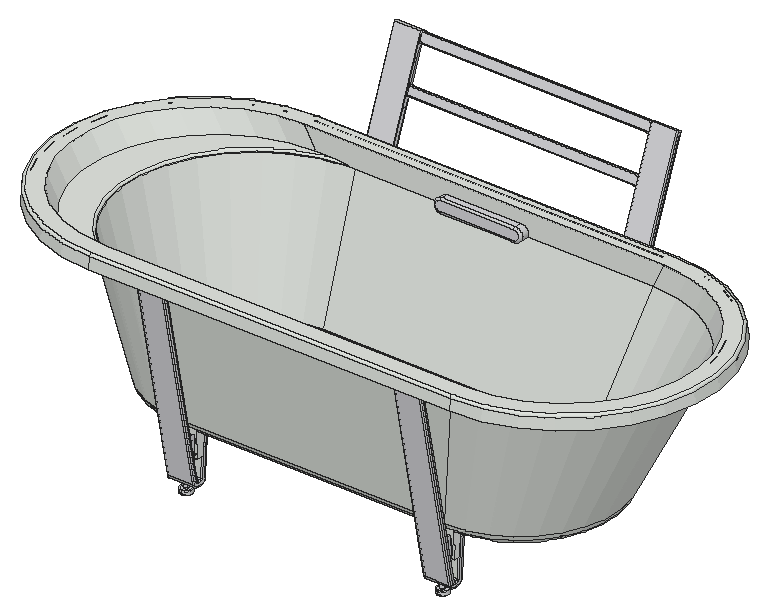
Revit family "Bath-Freestanding-KOHLER-LOVEE-K-9271T_1", category Plumbing Fixtures, host Face, Revit 2017 (continued)
Definition of nested family "K-9271T"
  Lines and regions (in)
    symbolic lines, detail levels medium+fine
      curve 9: arc (14.5669291, 19.5606454, 22.4409449) -> (14.5295334, 19.4823769, 22.4409449) -> (14.4488189, 19.4506031, 22.4409449) r 0.118406
      curve 10: arc (-11.8110236, 19.8201, 22.4409449) -> (-11.8114935, 19.829063, 22.4409449) -> (-11.8128978, 19.8379277, 22.4409449) r 0.0857262
      curve 11: arc (-11.9094488, 19.4899732, 22.4409449) -> (-11.8398517, 19.5188013, 22.4409449) -> (-11.8110236, 19.5883984, 22.4409449) r 0.0984252
      curve 12: arc (-14.5669291, 19.6000155, 22.4409449) -> (-14.5295334, 19.521747, 22.4409449) -> (-14.4488189, 19.4899732, 22.4409449) r 0.118406
      curve 13: line (11.9291339, 14.6969957, 22.4409449) -> (11.9291339, 19.4506031, 22.4409449)
      curve 14: line (-11.9291339, 19.4899732, 22.4409449) -> (-11.9291339, 14.6969957, 22.4409449)
      curve 15: line (11.8110236, 18.1931729, 22.4409449) -> (11.8110236, 17.5511751, 22.4409449)
      curve 16: line (11.8110236, 19.1960759, 22.4409449) -> (11.8110236, 19.5293433, 22.4409449)
      curve 17: line (-11.8110236, 17.5511751, 22.4409449) -> (-11.8110236, 18.1931729, 22.4409449)
      curve 18: line (-11.8110236, 19.1960759, 22.4409449) -> (-11.8110236, 19.5883984, 22.4409449)
      curve 20: line (14.4488189, 19.4506031, 22.4409449) -> (14.4488189, 14.6969957, 22.4409449)
      curve 21: line (-14.4488189, 19.4899732, 22.4409449) -> (-14.4488189, 14.6969957, 22.4409449)
      curve 22: line (-18.6815042, 14.3818579, 22.4409449) -> (18.6257127, 14.3818579, 22.4409449)
      curve 23: line (18.6257127, -14.3818579, 22.4409449) -> (-18.6815042, -14.3818579, 22.4409449)
      curve 25: line (18.6329799, -12.6668318, 22.4409449) -> (-18.5881663, -12.6668318, 22.4409449)
      curve 27: line (-18.5881663, 12.6668318, 22.4409449) -> (18.6329799, 12.6668318, 22.4409449)
      curve 28: arc (18.6257127, 14.3818579, 22.4409449) -> (33.0075706, 0, 22.4409449) -> (18.6257127, -14.3818579, 22.4409449) r 14.3818579
      curve 30: arc (18.6329799, 12.6668318, 22.4409449) -> (31.2998116, 0, 22.4409449) -> (18.6329799, -12.6668318, 22.4409449) r 12.6668318
      curve 31: arc (-18.6815042, -14.3818579, 22.4409449) -> (-33.0633622, 0, 22.4409449) -> (-18.6815042, 14.3818579, 22.4409449) r 14.3818579
      curve 33: arc (-18.5881663, -12.6668318, 22.4409449) -> (-31.2549981, 0, 22.4409449) -> (-18.5881663, 12.6668318, 22.4409449) r 12.6668318
      curve 34: line (0, 8.4246573, 22.4409449) -> (13.8269418, 8.4246573, 22.4409449)
      curve 35: line (0, 9.5925197, 22.4409449) -> (13.6426517, 9.5925197, 22.4409449)
      curve 36: line (0, -8.4246573, 22.4409449) -> (13.8269418, -8.4246573, 22.4409449)
      curve 37: line (0, -9.5925197, 22.4409449) -> (13.6426517, -9.5925197, 22.4409449)
      curve 38: arc (13.8269418, 8.4246573, 22.4409449) -> (22.2515991, 0, 22.4409449) -> (13.8269418, -8.4246573, 22.4409449) r 8.4246573
      curve 39: arc (13.6426517, 9.5925197, 22.4409449) -> (23.2351714, 0, 22.4409449) -> (13.6426517, -9.5925197, 22.4409449) r 9.5925197
      curve 40: line (0, 8.4246573, 22.4409449) -> (-13.8269418, 8.4246573, 22.4409449)
      curve 41: line (0, 9.5925197, 22.4409449) -> (-13.6426517, 9.5925197, 22.4409449)
      curve 42: line (0, -8.4246573, 22.4409449) -> (-13.8269418, -8.4246573, 22.4409449)
      curve 43: line (0, -9.5925197, 22.4409449) -> (-13.6426517, -9.5925197, 22.4409449)
      curve 44: arc (-13.8269418, 8.4246573, 22.4409449) -> (-22.2515991, 0, 22.4409449) -> (-13.8269418, -8.4246573, 22.4409449) r 8.4246573
      curve 45: arc (-13.6426517, 9.5925197, 22.4409449) -> (-23.2351714, 0, 22.4409449) -> (-13.6426517, -9.5925197, 22.4409449) r 9.5925197
      curve 46: arc (-24.9848611, 5.1390579, 22.4409449) -> (-25.7289732, 2.6172669, 22.4409449) -> (-25.9800637, 0, 22.4409449) r 13.766214
      curve 47: arc (-20.6031642, 10.9692497, 22.4409449) -> (-23.1779717, 8.3427192, 22.4409449) -> (-24.9848611, 5.1390579, 22.4409449) r 14.0829759
      curve 48: arc (-17.4221091, 12.2917567, 22.4409449) -> (-19.1025789, 11.8468434, 22.4409449) -> (-20.6031642, 10.9692497, 22.4409449) r 6.4490639
      curve 49: arc (-25.478864, 4.9514415, 22.4409449) -> (-26.2018294, 2.522489, 22.4409449) -> (-26.4458339, 0, 22.4409449) r 13.1605986
      curve 50: arc (-22.3619802, 10.1301053, 22.4409449) -> (-24.1228881, 7.6626317, 22.4409449) -> (-25.478864, 4.9514415, 22.4409449) r 19.4432391
      curve 51: arc (-17.5150229, 12.3510027, 22.4409449) -> (-20.1887323, 11.7866655, 22.4409449) -> (-22.3619802, 10.1301053, 22.4409449) r 6.2153053
      curve 52: line (-17.4221091, 12.2917567, 22.4409449) -> (-18.0103283, 12.6668318, 22.4409449)
      curve 53: arc (-27.2489153, 7.2455163, 22.4409449) -> (-29.3088656, 3.8799721, 22.4409449) -> (-30.0272655, 0, 22.4409449) r 10.8367794
      curve 54: arc (-20.9799104, 11.3520372, 22.4409449) -> (-24.3813347, 9.7062588, 22.4409449) -> (-27.2489153, 7.2455163, 22.4409449) r 14.6557133
      curve 55: arc (-28.92728, 5.8962118, 22.4409449) -> (-30.1868364, 3.0668888, 22.4409449) -> (-30.6178167, 0, 22.4409449) r 11.1275991
      curve 56: arc (-19.0440573, 12.3785943, 22.4409449) -> (-24.696582, 10.2212816, 22.4409449) -> (-28.92728, 5.8962118, 22.4409449) r 14.1198985
      curve 57: arc (-17.671901, 12.4510353, 22.4409449) -> (-18.3597178, 12.4477477, 22.4409449) -> (-19.0440573, 12.3785943, 22.4409449) r 7.172837
      curve 58: line (-18.0103283, 12.6668318, 22.4409449) -> (-18.0103283, 13.1877119, 22.4409449)
      curve 59: arc (-24.9848611, -5.1390579, 22.4409449) -> (-25.7289732, -2.6172669, 22.4409449) -> (-25.9800637, 0, 22.4409449) r 13.766214
      curve 60: arc (-20.6031642, -10.9692497, 22.4409449) -> (-23.1779717, -8.3427192, 22.4409449) -> (-24.9848611, -5.1390579, 22.4409449) r 14.0829759
      curve 61: arc (-17.4221091, -12.2917567, 22.4409449) -> (-19.1025789, -11.8468434, 22.4409449) -> (-20.6031642, -10.9692497, 22.4409449) r 6.4490639
      curve 62: arc (-25.478864, -4.9514415, 22.4409449) -> (-26.2018294, -2.522489, 22.4409449) -> (-26.4458339, 0, 22.4409449) r 13.1605986
      curve 63: arc (-22.3619802, -10.1301053, 22.4409449) -> (-24.1228881, -7.6626317, 22.4409449) -> (-25.478864, -4.9514415, 22.4409449) r 19.4432391
      curve 64: arc (-17.5150229, -12.3510027, 22.4409449) -> (-20.1887323, -11.7866655, 22.4409449) -> (-22.3619802, -10.1301053, 22.4409449) r 6.2153053
      curve 65: line (-17.4221091, -12.2917567, 22.4409449) -> (-18.0103283, -12.6668318, 22.4409449)
      curve 66: arc (-27.2489153, -7.2455163, 22.4409449) -> (-29.3088656, -3.8799721, 22.4409449) -> (-30.0272655, 0, 22.4409449) r 10.8367794
      curve 67: arc (-20.9799104, -11.3520372, 22.4409449) -> (-24.3813347, -9.7062588, 22.4409449) -> (-27.2489153, -7.2455163, 22.4409449) r 14.6557133
      curve 68: arc (-28.92728, -5.8962118, 22.4409449) -> (-30.1868364, -3.0668888, 22.4409449) -> (-30.6178167, 0, 22.4409449) r 11.1275991
      curve 69: arc (-19.0440573, -12.3785943, 22.4409449) -> (-24.696582, -10.2212816, 22.4409449) -> (-28.92728, -5.8962118, 22.4409449) r 14.1198985
      curve 70: arc (-17.671901, -12.4510353, 22.4409449) -> (-18.3597178, -12.4477477, 22.4409449) -> (-19.0440573, -12.3785943, 22.4409449) r 7.172837
      curve 71: line (-18.0103283, -12.6668318, 22.4409449) -> (-18.0103283, -13.1877119, 22.4409449)
      curve 72: line (11.8110236, 19.6040546, 22.4409449) -> (-11.8110236, 19.6040546, 22.4409449)
      curve 73: line (11.811239, 19.7874584, 22.4409449) -> (-11.8110236, 19.7874584, 22.4409449)
      curve 74: line (-11.8110236, 18.142817, 22.4409449) -> (11.8110236, 18.142817, 22.4409449)
      curve 75: line (11.8110236, 17.9594132, 22.4409449) -> (-11.8110236, 17.9594132, 22.4409449)
      curve 76: line (0, 11.8263319, 22.4409449) -> (3.6003036, 11.8263319, 22.4409449)
      curve 77: arc (3.6003036, 11.8263319, 22.4409449) -> (3.8965681, 11.8409807, 22.4409449) -> (4.1899425, 11.884784, 22.4409449) r 3.0032358
      curve 78: arc (4.1899425, 11.884784, 22.4409449) -> (4.3568994, 11.9565398, 22.4409449) -> (4.4805404, 12.0897178, 22.4409449) r 0.4393784
      curve 79: line (4.5021311, 12.1677337, 22.4409449) -> (4.5021311, 12.32579, 22.4409449)
      curve 80: line (0, 12.4818008, 22.4409449) -> (3.67, 12.4818008, 22.4409449)
      curve 81: arc (3.67, 12.4818008, 22.4409449) -> (3.9306054, 12.4745054, 22.4409449) -> (4.1903946, 12.452642, 22.4409449) r 4.6582956
      curve 82: arc (4.1903946, 12.452642, 22.4409449) -> (4.2885073, 12.4367856, 22.4409449) -> (4.3846343, 12.4115437, 22.4409449) r 1.0296364
      curve 83: arc (4.3846343, 12.4115437, 22.4409449) -> (4.4298224, 12.3949339, 22.4409449) -> (4.473245, 12.3741411, 22.4409449) r 0.5105192
      curve 84: arc (4.473245, 12.3741411, 22.4409449) -> (4.4943596, 12.3539513, 22.4409449) -> (4.5021311, 12.32579, 22.4409449) r 0.0549094
      curve 85: arc (4.4805404, 12.0897178, 22.4409449) -> (4.4966339, 12.1272595, 22.4409449) -> (4.5021311, 12.1677337, 22.4409449) r 0.1517466
      curve 86: line (0, 12.2849504, 22.4409449) -> (3.6479606, 12.2849504, 22.4409449)
      curve 87: arc (3.6479606, 12.2849504, 22.4409449) -> (3.9928462, 12.2681786, 22.4409449) -> (4.3344771, 12.2180217, 22.4409449) r 3.5544127
      curve 88: arc (4.3344771, 12.2180217, 22.4409449) -> (4.4227838, 12.1855548, 22.4409449) -> (4.4966339, 12.1272595, 22.4409449) r 0.2990694
      curve 89: line (0, 11.8870274, 22.4409449) -> (3.6651127, 11.8870274, 22.4409449)
      curve 90: arc (3.6651127, 11.8870274, 22.4409449) -> (4.053152, 11.9207479, 22.4409449) -> (4.4295579, 12.0208986, 22.4409449) r 2.2495422
      curve 91: line (0, 11.8263319, 22.4409449) -> (-3.6003036, 11.8263319, 22.4409449)
      curve 92: arc (-3.6003036, 11.8263319, 22.4409449) -> (-3.8965681, 11.8409807, 22.4409449) -> (-4.1899425, 11.884784, 22.4409449) r 3.0032358
      curve 93: arc (-4.1899425, 11.884784, 22.4409449) -> (-4.3568994, 11.9565398, 22.4409449) -> (-4.4805404, 12.0897178, 22.4409449) r 0.4393784
      curve 94: line (-4.5021311, 12.1677337, 22.4409449) -> (-4.5021311, 12.32579, 22.4409449)
      curve 95: line (0, 12.4818008, 22.4409449) -> (-3.67, 12.4818008, 22.4409449)
      curve 96: arc (-3.67, 12.4818008, 22.4409449) -> (-3.9306054, 12.4745054, 22.4409449) -> (-4.1903946, 12.452642, 22.4409449) r 4.6582956
      curve 97: arc (-4.1903946, 12.452642, 22.4409449) -> (-4.2885073, 12.4367856, 22.4409449) -> (-4.3846343, 12.4115437, 22.4409449) r 1.0296364
      curve 98: arc (-4.3846343, 12.4115437, 22.4409449) -> (-4.4298224, 12.3949339, 22.4409449) -> (-4.473245, 12.3741411, 22.4409449) r 0.5105192
      curve 99: arc (-4.473245, 12.3741411, 22.4409449) -> (-4.4943596, 12.3539513, 22.4409449) -> (-4.5021311, 12.32579, 22.4409449) r 0.0549094
      curve 100: arc (-4.4805404, 12.0897178, 22.4409449) -> (-4.4966339, 12.1272595, 22.4409449) -> (-4.5021311, 12.1677337, 22.4409449) r 0.1517466
      curve 101: line (0, 12.2849504, 22.4409449) -> (-3.6479606, 12.2849504, 22.4409449)
      curve 102: arc (-3.6479606, 12.2849504, 22.4409449) -> (-3.9928462, 12.2681786, 22.4409449) -> (-4.3344771, 12.2180217, 22.4409449) r 3.5544127
      curve 103: arc (-4.3344771, 12.2180217, 22.4409449) -> (-4.4227838, 12.1855548, 22.4409449) -> (-4.4966339, 12.1272595, 22.4409449) r 0.2990694
      curve 104: line (0, 11.8870274, 22.4409449) -> (-3.6651127, 11.8870274, 22.4409449)
      curve 105: arc (-3.6651127, 11.8870274, 22.4409449) -> (-4.053152, 11.9207479, 22.4409449) -> (-4.4295579, 12.0208986, 22.4409449) r 2.2495422
      curve 106: line (-1.6589559, 2.2993912, 22.4409449) -> (1.750884, 2.2993912, 22.4409449)
      curve 107: line (-2.2888772, -1.677894, 22.4409449) -> (-2.2888772, 1.6694699, 22.4409449)
      curve 108: line (1.7115139, -2.3078152, 22.4409449) -> (-1.6589559, -2.3078152, 22.4409449)
      curve 109: line (2.3414352, 1.70884, 22.4409449) -> (2.3414352, -1.677894, 22.4409449)
      curve 110: line (-1.9345465, -1.3629334, 22.4409449) -> (-1.9345465, 1.3545093, 22.4409449)
      curve 111: line (1.9871045, 1.3545093, 22.4409449) -> (1.9871045, -1.3629334, 22.4409449)
      curve 112: line (-1.3439953, 1.9450605, 22.4409449) -> (1.3965533, 1.9450605, 22.4409449)
      curve 113: line (1.3965533, -1.9534845, 22.4409449) -> (-1.3439953, -1.9534845, 22.4409449)
      curve 114: arc (1.3965533, 1.9450605, 22.4409449) -> (1.814136, 1.772092, 22.4409449) -> (1.9871045, 1.3545093, 22.4409449) r 0.5905512
      curve 115: arc (-1.3439953, 1.9450605, 22.4409449) -> (-1.7615781, 1.772092, 22.4409449) -> (-1.9345465, 1.3545093, 22.4409449) r 0.5905512
      curve 116: arc (-1.9345465, -1.3629334, 22.4409449) -> (-1.7615781, -1.7805161, 22.4409449) -> (-1.3439953, -1.9534845, 22.4409449) r 0.5905512
      curve 117: arc (1.3965533, -1.9534845, 22.4409449) -> (1.814136, -1.7805161, 22.4409449) -> (1.9871045, -1.3629334, 22.4409449) r 0.5905512
      curve 118: arc (1.750884, 2.2993912, 22.4409449) -> (2.1684668, 2.1264227, 22.4409449) -> (2.3414352, 1.70884, 22.4409449) r 0.5905512
      curve 119: arc (2.3414352, -1.677894, 22.4409449) -> (2.1569355, -2.1233156, 22.4409449) -> (1.7115139, -2.3078152, 22.4409449) r 0.6299213
      curve 120: arc (-2.2888772, -1.677894, 22.4409449) -> (-2.1043775, -2.1233156, 22.4409449) -> (-1.6589559, -2.3078152, 22.4409449) r 0.6299213
      curve 121: arc (-1.6589559, 2.2993912, 22.4409449) -> (-2.1043775, 2.1148915, 22.4409449) -> (-2.2888772, 1.6694699, 22.4409449) r 0.6299213
      curve 123: line (1.2663071, 0.8679007, 22.4409449) -> (0.8745865, 1.2596212, 22.4409449)
      curve 124: line (0.5586664, 1.2596212, 22.4409449) -> (0.8745865, 1.2596212, 22.4409449)
      curve 125: line (1.2663071, 0.5433417, 22.4409449) -> (1.2663071, 0.8679007, 22.4409449)
      curve 126: line (1.2663071, -0.8679007, 22.4409449) -> (0.8745865, -1.2596212, 22.4409449)
      curve 127: line (0.5586664, -1.2596212, 22.4409449) -> (0.8745865, -1.2596212, 22.4409449)
      curve 128: line (1.2663071, -0.5433417, 22.4409449) -> (1.2663071, -0.8679007, 22.4409449)
      curve 129: line (-1.2663071, 0.8679007, 22.4409449) -> (-0.8745865, 1.2596212, 22.4409449)
      curve 130: line (-0.5586664, 1.2596212, 22.4409449) -> (-0.8745865, 1.2596212, 22.4409449)
      curve 131: line (-1.2663071, 0.5433417, 22.4409449) -> (-1.2663071, 0.8679007, 22.4409449)
      curve 132: line (-1.2663071, -0.8679007, 22.4409449) -> (-0.8745865, -1.2596212, 22.4409449)
      curve 133: line (-0.5586664, -1.2596212, 22.4409449) -> (-0.8745865, -1.2596212, 22.4409449)
      curve 134: line (-1.2663071, -0.5433417, 22.4409449) -> (-1.2663071, -0.8679007, 22.4409449)
      curve 135: line (1.2663071, 0.8679007, 22.4409449) -> (1.9871045, 1.3545093, 22.4409449)
      curve 136: line (0.8745865, 1.2596212, 22.4409449) -> (1.3965533, 1.9450605, 22.4409449)
      curve 137: line (-0.8745865, 1.2596212, 22.4409449) -> (-1.3439953, 1.9450605, 22.4409449)
      curve 138: line (-1.2663071, 0.8679007, 22.4409449) -> (-1.9345465, 1.3545093, 22.4409449)
      curve 139: line (-0.8745865, -1.2596212, 22.4409449) -> (-1.3439953, -1.9534845, 22.4409449)
      curve 140: line (-1.2663071, -0.8679007, 22.4409449) -> (-1.9345465, -1.3629334, 22.4409449)
      curve 141: line (1.2663071, -0.8679007, 22.4409449) -> (1.9871045, -1.3629334, 22.4409449)
      curve 142: line (0.8745865, -1.2596212, 22.4409449) -> (1.3965533, -1.9534845, 22.4409449)
      curve 143: line (-31.1771654, 0, 21.0629921) -> (31.159134, 0, 21.0629921)
      curve 144: line (14.5669291, 0, 22.4409449) -> (11.8110236, 0, 22.4409449)
      curve 145: line (-14.5669291, 0, 22.4409449) -> (-11.8110236, 0, 22.4409449)
      curve 146: arc (-2.3028061, 0, 5.3884405) -> (-0.3343022, 0, 5.293967) -> (1.6342018, 0, 5.3884405) r 20.5556692
      curve 147: arc (1.6342018, 0, 5.3884405) -> (1.9674662, 0, 5.4044303) -> (2.3007297, 0, 5.388423) r 3.4790844
      curve 148: line (-0.9325354, 0, 4.773778) -> (0.9325354, 0, 4.773778)
      curve 149: line (-13.503937, 0, 0.9448819) -> (-12.8740157, 0, 0.9448819)
      curve 150: line (-13.3664392, 0, 0.3937008) -> (-13.0115136, 0, 0.3937008)
      curve 151: line (-13.3664392, 0, 0.5708661) -> (-13.0115136, 0, 0.5708661)
      curve 152: line (12.8740157, 0, 0.9448819) -> (13.503937, 0, 0.9448819)
      curve 153: line (13.0115136, 0, 0.5708661) -> (13.3664392, 0, 0.5708661)
      curve 154: line (13.0115136, 0, 0.3937008) -> (13.3664392, 0, 0.3937008)
      curve 155: line (14.5669291, 0, 5.870839) -> (14.5669291, 0, 21.0629921)
      curve 156: line (11.8110236, 0, 5.7485605) -> (11.8110236, 0, 21.0629921)
      curve 157: line (-14.5669291, 0, 5.870839) -> (-14.5669291, 0, 21.0629921)
      curve 158: line (-11.8110236, 0, 5.7485605) -> (-11.8110236, 0, 21.0629921)
      curve 159: line (-26.5220629, 0, 20.0891995) -> (-14.5669291, 0, 20.0891995)
      curve 160: line (11.9291339, 0, 22.4409449) -> (11.9291339, 0, 30.4724409)
      curve 161: line (14.4488189, 0, 22.4409449) -> (14.4488189, 0, 30.4724409)
      curve 162: line (11.8410997, 0, 29.5482714) -> (-11.8410997, 0, 29.5482714)
      curve 163: line (-11.8324936, 0, 29.4463074) -> (11.8324936, 0, 29.4463074)
      curve 164: line (11.8410997, 0, 30.3185673) -> (-11.8410997, 0, 30.3185673)
      curve 165: line (11.8410997, 0, 30.3440583) -> (11.8410997, 0, 29.5370816)
      curve 166: line (11.8410997, 0, 26.0890905) -> (11.8410997, 0, 25.2821138)
      curve 167: line (11.8403258, 0, 26.1002802) -> (-11.8403258, 0, 26.1002802)
      curve 168: line (11.8410997, 0, 25.3299844) -> (-11.8410997, 0, 25.3299844)
      curve 169: line (-11.8363182, 0, 25.2280204) -> (11.8363182, 0, 25.2280204)
      curve 170: arc (11.8110236, 0, 26.1522148) -> (11.8331964, 0, 26.1240521) -> (11.8410997, 0, 26.0890905) r 0.0812814
      curve 171: arc (11.8410997, 0, 25.2821138) -> (11.8334867, 0, 25.2140157) -> (11.8110236, 0, 25.1492799) r 0.308375
      curve 172: arc (11.8110236, 0, 30.3712344) -> (11.8320972, 0, 30.3643259) -> (11.8410997, 0, 30.3440583) r 0.0273159
      curve 173: arc (11.8410997, 0, 29.5370816) -> (11.8335212, 0, 29.4518537) -> (11.8110236, 0, 29.3693001) r 0.4830291
      curve 174: line (-11.9291339, 0, 22.4409449) -> (-11.9291339, 0, 30.4724409)
      curve 175: line (-14.4488189, 0, 22.4409449) -> (-14.4488189, 0, 30.4724409)
      curve 176: line (-11.8410997, 0, 30.3440583) -> (-11.8410997, 0, 29.5370816)
      curve 177: line (-11.8410997, 0, 26.0890905) -> (-11.8410997, 0, 25.2821138)
      curve 178: arc (-11.8110236, 0, 26.1522148) -> (-11.8331964, 0, 26.1240521) -> (-11.8410997, 0, 26.0890905) r 0.0812814
      curve 179: arc (-11.8410997, 0, 25.2821138) -> (-11.8334867, 0, 25.2140157) -> (-11.8110236, 0, 25.1492799) r 0.308375
      curve 180: arc (-11.8110236, 0, 30.3712344) -> (-11.8320972, 0, 30.3643259) -> (-11.8410997, 0, 30.3440583) r 0.0273159
      curve 181: arc (-11.8410997, 0, 29.5370816) -> (-11.8335212, 0, 29.4518537) -> (-11.8110236, 0, 29.3693001) r 0.4830291
      curve 182: line (-14.4685039, 0, 0.9448819) -> (-14.4685039, 0, 21.0629921)
      curve 183: line (-11.9094488, 0, 0.9448819) -> (-11.9094488, 0, 21.0629921)
      curve 184: line (14.4685039, 0, 0.9448819) -> (14.4685039, 0, 21.0629921)
      curve 185: line (11.9094488, 0, 0.9448819) -> (11.9094488, 0, 21.0629921)
      curve 186: arc (-13.503937, 0, 0.9167507) -> (-13.3464567, 0, 0.9448819) -> (-13.1889764, 0, 0.9167507) r 0.454859
      curve 187: arc (-13.1889764, 0, 0.9167507) -> (-13.0314961, 0, 0.9453142) -> (-12.8740157, 0, 0.9167507) r 0.4484039
      curve 188: arc (-13.503937, 0, 0.5989973) -> (-13.3464567, 0, 0.5704205) -> (-13.1889764, 0, 0.5989973) r 0.4482075
      curve 189: arc (-13.1889764, 0, 0.5989973) -> (-13.0314961, 0, 0.5704205) -> (-12.8740157, 0, 0.5989973) r 0.4482075
      curve 190: line (-13.1889764, 0, 0.9167507) -> (-13.1889764, 0, 0.5989973)
      curve 191: arc (13.503937, 0, 0.9167507) -> (13.3464567, 0, 0.9448819) -> (13.1889764, 0, 0.9167507) r 0.454859
      curve 192: arc (13.1889764, 0, 0.9167507) -> (13.0314961, 0, 0.9453142) -> (12.8740157, 0, 0.9167507) r 0.4484039
      curve 193: arc (13.503937, 0, 0.5989973) -> (13.3464567, 0, 0.5704205) -> (13.1889764, 0, 0.5989973) r 0.4482075
      curve 194: arc (13.1889764, 0, 0.5989973) -> (13.0314961, 0, 0.5704205) -> (12.8740157, 0, 0.5989973) r 0.4482075
      curve 195: line (13.1889764, 0, 0.9167507) -> (13.1889764, 0, 0.5989973)
      curve 196: line (0, 13.7809714, 21.0629921) -> (0, 13.2988518, 21.0629921)
      curve 197: line (0, 12.8072663, 21.0629921) -> (0, -12.8072663, 21.0629921)
      curve 198: line (0, -13.2988518, 21.0629921) -> (0, -13.7809714, 21.0629921)
      curve 199: arc (0, 2.3711645, 5.3651346) -> (0, 0, 5.3887588) -> (0, -2.3711645, 5.3651346) r 119.0088131
      curve 200: line (0, 0.9324502, 4.773778) -> (0, -0.9324502, 4.773778)
      curve 201: line (0, -8.8292625, 0.5708661) -> (0, -9.197206, 0.5708661)
      curve 202: line (0, -8.8450498, 0.9448819) -> (0, -9.1757758, 0.9448819)
      curve 203: arc (0, -8.8292625, 0.9167507) -> (0, -9.0132343, 0.9448884) -> (0, -9.197206, 0.9167507) r 0.6154988
      curve 204: arc (0, -8.8292625, 0.5989973) -> (0, -9.0132343, 0.5708661) -> (0, -9.197206, 0.5989973) r 0.6156339
      curve 205: arc (0, -9.197206, 0.5989973) -> (0, -9.2880499, 0.5708661) -> (0, -9.3788937, 0.5989973) r 0.1607464
      curve 206: arc (0, -8.8292625, 0.5989973) -> (0, -8.738731, 0.5708661) -> (0, -8.6481995, 0.5989973) r 0.1597396
      curve 207: arc (0, -8.8292625, 0.9167507) -> (0, -8.738731, 0.9450782) -> (0, -8.6481995, 0.9167507) r 0.1588284
      curve 208: arc (0, -9.3788937, 0.9167507) -> (0, -9.2880499, 0.9453351) -> (0, -9.197206, 0.9167507) r 0.1586472
      curve 209: line (0, -8.8292625, 0.9167507) -> (0, -8.8292625, 0.5989973)
      curve 210: line (0, -9.197206, 0.9167507) -> (0, -9.197206, 0.5989973)
      curve 211: line (0, -8.8380431, 1.4173228) -> (0, -9.1923738, 1.4173228)
      curve 212: line (0, -8.8292625, 0.3937008) -> (0, -9.197206, 0.3937008)
      curve 213: line (0, -9.4888373, 3.7795276) -> (0, -9.5672427, 5.2755906)
      curve 214: line (0, -9.5672427, 5.2755906) -> (0, -10.1004891, 5.2755906)
      curve 215: line (0, -9.7824911, 3.7795276) -> (0, -10.1751068, 5.6266388)
      curve 216: line (0, -9.3356915, 5.7480315) -> (0, -9.1963842, 5.7480315)
      curve 217: line (0, -9.0551181, 3.7795276) -> (0, -9.156289, 5.7099826)
      curve 218: arc (0, -9.1963842, 5.7480315) -> (0, -9.1687466, 5.7370052) -> (0, -9.156289, 5.7099826) r 0.0401502
      curve 219: line (0, -9.0551181, 3.7795276) -> (0, -8.6614173, 3.7795276)
      curve 220: arc (0, -10.1751068, 5.6266388) -> (0, -10.1881935, 5.7098395) -> (0, -10.1923323, 5.7939614) r 0.7885975
      curve 221: line (0, -8.6092466, 3.3070866) -> (0, -8.584487, 3.7795276)
      curve 222: line (0, -8.5669801, 5.5814972) -> (0, -8.5669801, 5.8863793)
      curve 223: line (0, -9.156289, 5.7099826) -> (0, -9.156289, 6.0695267)
      curve 224: arc (0, -8.5669801, 5.8863793) -> (0, -8.8724594, 5.9656753) -> (0, -9.156289, 6.1036833) r 1.5917386
      curve 225: line (0, -9.3431884, 5.891081) -> (0, -9.3663561, 6.1865549)
      curve 226: arc (0, -9.3663561, 6.1865549) -> (0, -9.2693913, 6.1135573) -> (0, -9.156289, 6.0695267) r 0.4442491
      curve 227: line (0, -9.156289, 6.0695267) -> (0, -9.156289, 6.1036833)
      curve 228: line (0, 8.8292625, 0.5708661) -> (0, 9.197206, 0.5708661)
      curve 229: line (0, 8.8450498, 0.9448819) -> (0, 9.1757758, 0.9448819)
      curve 230: arc (0, 8.8292625, 0.9167507) -> (0, 9.0132343, 0.9448884) -> (0, 9.197206, 0.9167507) r 0.6154988
      curve 231: arc (0, 8.8292625, 0.5989973) -> (0, 9.0132343, 0.5708661) -> (0, 9.197206, 0.5989973) r 0.6156339
      curve 232: arc (0, 9.197206, 0.5989973) -> (0, 9.2880499, 0.5708661) -> (0, 9.3788937, 0.5989973) r 0.1607464
      curve 233: arc (0, 8.8292625, 0.5989973) -> (0, 8.738731, 0.5708661) -> (0, 8.6481995, 0.5989973) r 0.1597396
      curve 234: arc (0, 8.8292625, 0.9167507) -> (0, 8.738731, 0.9450782) -> (0, 8.6481995, 0.9167507) r 0.1588284
      curve 235: arc (0, 9.3788937, 0.9167507) -> (0, 9.2880499, 0.9453351) -> (0, 9.197206, 0.9167507) r 0.1586472
      curve 236: line (0, 8.8292625, 0.9167507) -> (0, 8.8292625, 0.5989973)
      curve 237: line (0, 9.197206, 0.9167507) -> (0, 9.197206, 0.5989973)
      curve 238: line (0, 8.8380431, 1.4173228) -> (0, 9.1923738, 1.4173228)
      curve 239: line (0, 8.8292625, 0.3937008) -> (0, 9.197206, 0.3937008)
      curve 240: line (0, 9.4888373, 3.7795276) -> (0, 9.5672427, 5.2755906)
      curve 241: line (0, 9.5672427, 5.2755906) -> (0, 10.1004891, 5.2755906)
      curve 242: line (0, 9.7824911, 3.7795276) -> (0, 10.1751068, 5.6266388)
      curve 243: line (0, 9.3356915, 5.7480315) -> (0, 9.1963842, 5.7480315)
      curve 244: line (0, 9.0551181, 3.7795276) -> (0, 9.156289, 5.7099826)
      curve 245: arc (0, 9.1963842, 5.7480315) -> (0, 9.1687466, 5.7370052) -> (0, 9.156289, 5.7099826) r 0.0401502
      curve 246: line (0, 9.0551181, 3.7795276) -> (0, 8.6614173, 3.7795276)
      curve 247: arc (0, 10.1751068, 5.6266388) -> (0, 10.1881935, 5.7098395) -> (0, 10.1923323, 5.7939614) r 0.7885975
      curve 248: line (0, 8.6092466, 3.3070866) -> (0, 8.584487, 3.7795276)
      curve 249: line (0, 8.5669801, 5.5814972) -> (0, 8.5669801, 5.8863793)
      curve 250: line (0, 9.156289, 5.7099826) -> (0, 9.156289, 6.0695267)
      curve 251: arc (0, 8.5669801, 5.8863793) -> (0, 8.8724594, 5.9656753) -> (0, 9.156289, 6.1036833) r 1.5917386
      curve 252: line (0, 9.3431884, 5.891081) -> (0, 9.3663561, 6.1865549)
      curve 253: arc (0, 9.3663561, 6.1865549) -> (0, 9.2693913, 6.1135573) -> (0, 9.156289, 6.0695267) r 0.4442491
      curve 254: line (0, 9.156289, 6.0695267) -> (0, 9.156289, 6.1036833)
      curve 255: line (0, 11.5224495, 9.9620022) -> (0, 10.2746417, 3.8288312)
    symbolic lines
      curve 19: line (-14.5669291, 14.6969957, 22.4409449) -> (14.5669291, 14.6969957, 22.4409449)
      curve 24: line (18.5516349, -13.1877118, 22.4409449) -> (-18.5777721, -13.1877119, 22.4409449)
      curve 26: line (-18.5777721, 13.1877119, 22.4409449) -> (18.5516349, 13.1877118, 22.4409449)
      curve 29: arc (18.5516349, 13.1877118, 22.4409449) -> (31.7393466, 0, 22.4409449) -> (18.5516349, -13.1877118, 22.4409449) r 13.1877118
      curve 32: arc (-18.5777721, -13.1877119, 22.4409449) -> (-31.765484, 0, 22.4409449) -> (-18.5777721, 13.1877119, 22.4409449) r 13.1877119
      curve 122: circle (0, 0, 22.4409449) r 1.3779528 normal (0, 0, 1)
  Dimensions and locks (in)
    locked: plane 7 to plane 6 at 66.9291339
    locked: plane 14 to plane 11 at 46.2125984
    locked: plane 5 to plane 8 at 29.5275591
    locked: plane 12 to plane 13 at 19.1850394
    locked: plane 10 to plane 9 at 29.1338583
    locked: plane 15 to level at 30.4724409
    locked: plane 16 "A" to level at 22.4409449
    locked: plane 18 to plane 17 "B" at 26.3779528
    locked: plane 19 to plane 8 at 34.7244094
    aligned and locked: plane 2 to level
